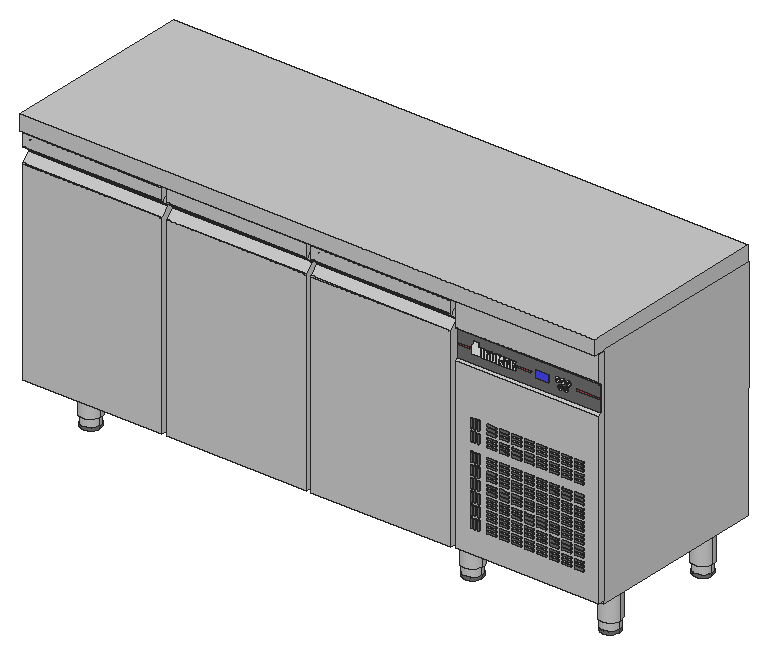
Revit family "QF_INOMAK_PMRP999_250528101708", category Specialty Equipment, Revit 2021
Family settings
  Round Connector Dimension = Use Diameter
  Part Type = Normal
  OmniClass Number = 23.40.40.14
  OmniClass Title = Food Service Equipment
  Work Plane-Based = No
  Always vertical = Yes
  Cut with Voids When Loaded = No
  Shared = No
  Room Calculation Point = No
Parameters (values of type "PMRP999")
  Weight [instance] = 127.001 kg
  Waste Water Discharge Temperature [instance] = 0 °C
  Waste Remarks [instance] = ""
  Warranty Start Date [instance] = ""
  Warranty Duration [instance] = ""
  Volts [instance] = 230 V
  Volt Free Conn [instance] = no
  URL Recommended Spares List [instance] = ""
  URL Manufacturer [instance] = ""
  URL Cutsheet [instance] = ""
  URL Critical Spares List [instance] = ""
  URL = "www.inomak.com"
  Technical Documentation [instance] = ""
  Tag Number [instance] = ""
  Status [instance] = ""
  Start Up Current [instance] = 0 A
  Specification by User [instance] = ""
  Specification by Manufacturer [instance] = ""
  Sound Level [instance] = ""
  Show Logo [instance] = yes
  Show Clearances [instance] = yes
  Service Life Duration [instance] = ""
  Serial Number [instance] = ""
  Seismic Rating [instance] = ""
  SMACNA No [instance] = ""
  Revision Code [instance] = ""
  Revision [instance] = ""
  Production Year [instance] = ""
  Potential Equalisation [instance] = no
  Point Load [instance] = 0
  Plumbing Connection Type [instance] = ""
  Phase [instance] = 1
  Other Equipment Approvals [instance] = ""
  Operational Current [instance] = 0 A
  Number of Poles [instance] = 2
  No Load Power Draw [instance] = no
  NAFEM Spec ID Number [instance] = ""
  Model Warning [instance] = ""
  Model = "PMRP999"
  Min Ckt Ampacity [instance] = 0 A
  Max Overcurrent Protection [instance] = 10 A
  Masterspec [instance] = ""
  Manufacturer = "INOMAK"
  Main switch integrated [instance] = no
  Length Actual [instance] = 1791.97 mm
  Item Number [instance] = ""
  Installed By [instance] = ""
  Installation Date [instance] = ""
  Indirect Waste Size [instance] = 25.4 mm
  Indirect Waste Remarks [instance] = ""
  Indirect Waste Flow [instance] = 0.0 L/s
  Indirect Waste Connection Type [instance] = ""
  Indirect Waste Connection Height [instance] = 0 mm
  Identify Quantity as Lot [instance] = no
  ID [instance] = ""
  Hygiene Approval [instance] = ""
  Height Actual [instance] = 899.922 mm
  HP power [instance] = ""
  Furnished By [instance] = ""
  Foodservice Equipment Identifier [instance] = no
  FL Amps [instance] = 2.6 A
  Electrical Remarks [instance] = ""
  Electric power [instance] = 360 W
  Electric Connection Type [instance] = ""
  Elec Conn RI Height [instance] = 0 mm
  Elec Conn Connection Height [instance] = 0 mm
  ETL Approved [instance] = no
  Direct Waste Water Discharge Temperature [instance] = -273.15 °C
  Direct Waste Size [instance] = 25.4 mm
  Direct Waste RI Height [instance] = 0 mm
  Direct Waste Flow [instance] = 0.0 L/s
  Direct Waste Connection Height [instance] = 0 mm
  Description = "CLOVER CHILLER COUNTER WITH 3 DOORS, COMPACT DIMENSIONS"
  Depth Actual [instance] = 599.948 mm
  Default Elevation = 0 mm
  Cycle [instance] = 50 Hz
  Cost = 0
  Connection to energy optimisation system [instance] = yes
  Conn Plug [instance] = ""
  Conn Conduit [instance] = no
  Centralized building control system with digital interface [instance] = ""
  CSI MasterFormat [instance] = ""
  CE Approved [instance] = no
  Barcode [instance] = 0
  Author [instance] = ""
  Asset Identifier [instance] = ""
  Apparent Power [instance] = 360 VA
  Accessory [instance] = no
Reference planes
  plane 1 "Center (Front/Back)": y = 0
  plane 2: z = 0
  plane 3 "Center (Left/Right)": x = 0
Forms (mm)
  Extrusion 1, solid, not visible
    sketch origin (1585.077, -260.013, 146.007) x (1, 0, 0) y (0, 1, 0)
      loop
        line (-2, 2) -> (-2, -2) -> (2, -2) -> (2, 2) -> (-2, 2)
    from -2 to 2
  Extrusion 2, solid, not visible
    sketch origin (1385.068, -100.005, 146.007) x (1, 0, 0) y (0, 1, 0)
      loop
        line (-2, 2) -> (-2, -2) -> (2, -2) -> (2, 2) -> (-2, 2)
    from -2 to 2
Dimensions and locks
  locked: nested 2 to Extrusion 1 at 2  (x2)
  locked: nested 3 to Extrusion 2 at 2  (x2)
  aligned and locked: level to plane 2
Nested families
  nested 1: "QF_INOMAK_REF_COUNTERS_1790_2920" at (0, 0, 144), type "PMRP999"
    with Weight 127.001 kg, Warranty Start Date "", Warranty Duration "", URL Cutsheet "", Technical Documentation "", Tag Number "", Status "", Specification by User "", Specification by Manufacturer "", Sound Level "", Solid Fuel Type "", Show Clearances yes, Show Clearance yes, Service Life Duration "", Serial Number "", Seismic Rating "", SMACNA No "", Revision Code "", Revision "", Production Year "", Point Load 0, Other Equipment Approvals "", NAFEM Spec ID Number "", Model Warning "", Masterspec "", Length Actual 1791.97 mm, Item Number "", Installed By "", Installation Date "", Identify Quantity as Lot yes, ID "", Hygiene Approval "", Height Actual 899.922 mm, Furnished By "", Foodservice Equipment Identifier yes, Finish none, ETL Approved yes, Depth Actual 599.948 mm, CSI MasterFormat "", CE Approved yes, Barcode "", Author "", Asset Identifier "", Accessory no
  nested 2: "CONN_POINT_DRAIN_2D___Generic_Annotation" at (1585.077, -260.013, 144.007), type "CONN_POINT_DRAIN_2D___Generic_Annotation"
    with Onboard connection annotation symbol visibility yes
  nested 3: "CONN_POINT_ELE_2D___Generic_Annotation" at (1385.068, -100.005, 144.007), type "CONN_POINT_ELE_2D___Generic_Annotation"
    with Onboard connection annotation symbol visibility yes
  nested 4: "QF_INOMAK_REF_COUNTERS_DOORS_DRAWERS_7216" at (0, -600, 144), type "DR-LX-710"
    with Weight 0.00 kg, Warranty Start Date "", Warranty Duration "", URL Cutsheet "", Top inset 10 mm, Technical Documentation "", Tag Number "", Status "", Specification by User "", Specification by Manufacturer "", Sound Level "", Solid Fuel Type "", Show Logo yes, Show Clearances yes, Service Life Duration "", Serial Number "", Seismic Rating "", SMACNA No "", Right panel thickness 0 mm, Revision Code "", Revision "", Rear inset 0 mm, Production Year "", Point Load 0, Plinth height 0 mm, Other Equipment Approvals "", NAFEM Spec ID Number "", Model Warning "", Masterspec "", Length Actual 435.102 mm, Left panel thickness 0 mm, Item Number "", Installed By "", Installation Date "", Identify Quantity as Lot yes, ID "", Hygiene Approval "", Height Actual 709.93 mm, Furnished By "", Front inset 10 mm, Foodservice Equipment Identifier yes, Finish none, ETL Approved yes, Doors drawers type 8, Depth Actual 80.01 mm, CSI MasterFormat "", CE Approved yes, Bottom inset 10 mm, Barcode "", Author "", Asset Identifier "", Accessory yes
  nested 5: "QF_INOMAK_REF_COUNTERS_DOORS_DRAWERS_16690" at (450, -600, 144), type "DR-RX-710"
    with Weight 0.00 kg, Warranty Start Date "", Warranty Duration "", URL Cutsheet "", Top inset 10 mm, Technical Documentation "", Tag Number "", Status "", Specification by User "", Specification by Manufacturer "", Sound Level "", Solid Fuel Type "", Show Logo yes, Show Clearances yes, Service Life Duration "", Serial Number "", Seismic Rating "", SMACNA No "", Right panel thickness 0 mm, Revision Code "", Revision "", Rear inset 0 mm, Production Year "", Point Load 0, Plinth height 0 mm, Other Equipment Approvals "", NAFEM Spec ID Number "", Model Warning "", Masterspec "", Length Actual 435.102 mm, Left panel thickness 0 mm, Item Number "", Installed By "", Installation Date "", Identify Quantity as Lot yes, ID "", Hygiene Approval "", Height Actual 709.93 mm, Furnished By "", Front inset 10 mm, Foodservice Equipment Identifier yes, Finish none, ETL Approved yes, Doors drawers type 9, Depth Actual 80.01 mm, CSI MasterFormat "", CE Approved yes, Bottom inset 10 mm, Barcode "", Author "", Asset Identifier "", Accessory yes
  nested 6: "QF_INOMAK_REF_COUNTERS_DOORS_DRAWERS_26161" at (900, -600, 144), type "DR-RX-710"
    with Weight 0.00 kg, Warranty Start Date "", Warranty Duration "", URL Cutsheet "", Top inset 10 mm, Technical Documentation "", Tag Number "", Status "", Specification by User "", Specification by Manufacturer "", Sound Level "", Solid Fuel Type "", Show Logo yes, Show Clearances yes, Service Life Duration "", Serial Number "", Seismic Rating "", SMACNA No "", Right panel thickness 0 mm, Revision Code "", Revision "", Rear inset 0 mm, Production Year "", Point Load 0, Plinth height 0 mm, Other Equipment Approvals "", NAFEM Spec ID Number "", Model Warning "", Masterspec "", Length Actual 435.102 mm, Left panel thickness 0 mm, Item Number "", Installed By "", Installation Date "", Identify Quantity as Lot yes, ID "", Hygiene Approval "", Height Actual 709.93 mm, Furnished By "", Front inset 10 mm, Foodservice Equipment Identifier yes, Finish none, ETL Approved yes, Doors drawers type 9, Depth Actual 80.01 mm, CSI MasterFormat "", CE Approved yes, Bottom inset 10 mm, Barcode "", Author "", Asset Identifier "", Accessory yes
  nested 7: "QF_INOMAK_REF_COUNTERS_WORKTOPS_35632" at (0, 0, 854), type "WTWT-1790-600"
    with Worktop without backsplash yes, Worktop with backsplash no, Worktop type 3, Worktop thickness 46 mm, Without worktop no, Weight 0.00 kg, Warranty Start Date "", Warranty Duration "", URL Cutsheet "", Technical Documentation "", Tag Number "", Status "", Specification by User "", Specification by Manufacturer "", Sound Level "", Solid Fuel Type "", Show Logo yes, Show Clearances yes, Service Life Duration "", Serial Number "", Seismic Rating "", SMACNA No "", Revision Code "", Revision "", Production Year "", Point Load 0, Other Equipment Approvals "", NAFEM Spec ID Number "", Model Warning "", Masterspec "", Length Actual 1791.97 mm, Item Number "", Installed By "", Installation Date "", Identify Quantity as Lot yes, ID "", Hygiene Approval "", Height Actual 45.974 mm, Height AFF 0 mm, Furnished By "", Foodservice Equipment Identifier yes, Finish none, ETL Approved yes, Depth Actual 599.948 mm, CSI MasterFormat "", CE Approved yes, Barcode "", Backsplash thickness 20 mm, Backsplash height 60 mm, Author "", Asset Identifier "", Accessory yes
  nested 8: "QF_INOMAK_REF_COUNTERS_LEGS_37461" at (0, 0, 0), type "LG-1790-600"
    with Weight 0.00 kg, Warranty Start Date "", Warranty Duration "", URL Cutsheet "", Technical Documentation "", Tag Number "", Status "", Specification by User "", Specification by Manufacturer "", Sound Level "", Solid Fuel Type "", Show Logo yes, Show Clearances yes, Service Life Duration "", Serial Number "", Seismic Rating "", SMACNA No "", Revision Code "", Revision "", Production Year "", Point Load 0, Other Equipment Approvals "", NAFEM Spec ID Number "", Model Warning "", Masterspec "", Length Actual 1791.97 mm, Legs inset right 70 mm, Legs inset rear 90 mm, Legs inset left 100 mm, Legs inset front 150 mm, Item Number "", Installed By "", Installation Date "", Identify Quantity as Lot yes, ID "", Hygiene Approval "", Height Actual 144.018 mm, Furnished By "", Foodservice Equipment Identifier yes, ETL Approved yes, Depth Actual 599.948 mm, CentralLegs no, CSI MasterFormat "", CE Approved yes, Barcode "", Author "", Asset Identifier "", Accessory yes
Connectors
  piping at (1585.077, -260.013, 144.007), diameter 25.4, driven by "Indirect Waste Size", driven by "Direct Waste Flow"
    settings: on Extrusion 1, index 1, connector inside diameter 609.6 mm, connector length 0 mm, flow factor 0, pipe flow 0.0 L/s, pressure drop 0.0 Pa, fitting loss kfactor 0, connector angle 0.00°, fixture units 0, engagement length 0 mm, angle of deflection 0.00°, flow configuration 1, flow direction 2, fitting loss method 0, system type 16, joint type 0, gender type 0, connector reference index -1, connector utility 0, adjustable connector no, is connector primary yes, connector description "Waste connection for PMRP999"
  electrical at (1385.068, -100.005, 144.007), driven by "Apparent Power", driven by "Number of Poles", driven by "Volts"
    settings: on Extrusion 2, index 2, voltage 230 V, apparent load 0 VA, apparent load phase1 360 VA, apparent load phase2 0 VA, apparent load phase3 0 VA, power factor 1, load classification "Other", number of poles 2, system type 31, power factor state 1, is connector primary yes, connector utility no, sub classification motor no, connector description "Electrical connection for PMRP999"
Definition of nested family "QF_INOMAK_REF_COUNTERS_1790_2920"
  Parameters (values of type "PMRP999")
    Weight [instance] = 0.00 kg
    Warranty Start Date [instance] = ""
    Warranty Duration [instance] = ""
    URL Cutsheet [instance] = ""
    URL = "www.inomak.com"
    Technical Documentation [instance] = ""
    Tag Number [instance] = ""
    Status [instance] = ""
    Specification by User [instance] = ""
    Specification by Manufacturer [instance] = ""
    Sound Level [instance] = ""
    Solid Fuel Type [instance] = ""
    Show Logo = yes
    Show Clearances [instance] = yes
    Show Clearance [instance] = yes
    Service Life Duration [instance] = ""
    Serial Number [instance] = ""
    Seismic Rating [instance] = ""
    SMACNA No [instance] = ""
    Revision Code [instance] = ""
    Revision [instance] = ""
    Production Year [instance] = ""
    Point Load [instance] = 0
    Other Equipment Approvals [instance] = ""
    NAFEM Spec ID Number [instance] = ""
    Model Warning [instance] = ""
    Model = "PMRP999"
    Masterspec [instance] = ""
    Manufacturer = "INOMAK"
    Length Actual [instance] = 0 mm
    Length = 1792 mm
    Item Number [instance] = ""
    Installed By [instance] = ""
    Installation Date [instance] = ""
    Identify Quantity as Lot [instance] = yes
    ID [instance] = ""
    Hygiene Approval [instance] = ""
    Height Actual [instance] = 0 mm
    Height = 710 mm
    Furnished By [instance] = ""
    Foodservice Equipment Identifier [instance] = yes
    Finish [instance] = none
    ETL Approved [instance] = yes
    Description = "CLOVER CHILLER COUNTER WITH 3 DOORS, COMPACT DIMENSIONS"
    Depth Actual [instance] = 0 mm
    Depth = 600 mm
    Default Elevation = 0 mm
    CSI MasterFormat [instance] = ""
    CE Approved [instance] = yes
    Barcode [instance] = ""
    Author [instance] = ""
    Asset Identifier [instance] = ""
    Assembly Code = "E1090320"
    Accessory [instance] = yes
  Types (2, lengths in mm): name | Model | Description | Depth
    PNRP999 | "PNRP999" | "PINE REFRIGERATED COUNTER WITH 3 GN 1/1 DOORS" | 700
    PMRP999 | "PMRP999" | "CLOVER CHILLER COUNTER WITH 3 DOORS, COMPACT DIMENSIONS" | 600
  Reference planes
    plane 1 "Back": y = 0
    plane 2: z = 0
    plane 3 "Left": x = 0
    plane 4 "Right": x = 1792
    plane 5 "Front": y = -600
    plane 6 "Top": z = 710
  Forms (mm)
    Extrusion 1, solid, material <- "Finish"
      sketch origin (0, 0, 0) x (1, 0, 0) y (0, 1, 0)
        loop
          line (0, -548) -> (30, -548) -> (30, -30) -> (1317, -30) -> (1317, -548) -> (1347, -548) -> (1347, -565) -> (1792, -565) -> (1792, 0) -> (0, 0) -> (0, -548)
      from 0 to 710
    Extrusion 2, solid, material <- "Finish"
      sketch origin (0, 0, 0) x (1, 0, 0) y (0, 1, 0)
        loop
          line (30, -30) -> (30, -548) -> (1317, -548) -> (1317, -30) -> (30, -30)
      from 0 to 45
    Extrusion 3, solid, material <- "Finish"
      sketch origin (0, 0, 710) x (0, 1, 0) y (-1, 0, 0)
        loop
          line (-30, -30) -> (-548, -30) -> (-548, -1317) -> (-30, -1317) -> (-30, -30)
      from 0 to -30
    Extrusion 4, solid, material <- "Finish"
      sketch origin (1792, 0, 0) x (0, -1, 0) y (0, 0, 1)
        loop
          line (583.05, 705) -> (565, 705) -> (565, 10) -> (583.05, 10) -> (583.05, 532.058) -> (576.05, 539.058) -> (576.05, 618.864) -> (583.05, 625.864) -> (583.05, 705)
      from 0 to 445
    Extrusion 5, solid
      sketch origin (0, -600, 0) x (-1, 0, 0) y (0, 0, 1)
        loop
          circle (-1658.654, 586.73) r 6.965
        loop
          circle (-1675.685, 586.73) r 6.965
        loop
          circle (-1692.694, 586.73) r 6.965
        loop
          circle (-1667.18, 568.729) r 6.965
        loop
          circle (-1684.189, 568.729) r 6.965
        loop
          circle (-1658.654, 586.73) r 3.965
        loop
          circle (-1675.685, 586.73) r 3.965
        loop
          circle (-1692.694, 586.73) r 3.965
        loop
          circle (-1667.18, 568.729) r 3.965
        loop
          circle (-1684.189, 568.729) r 3.965
      from 23 to 25.5
    Extrusion 6, solid
      sketch origin (0, -600, 0) x (-1, 0, 0) y (0, 0, 1)
        loop
          line (-1630.865, 590.461) -> (-1630.865, 567.461) -> (-1590.865, 567.461) -> (-1590.865, 590.461) -> (-1630.865, 590.461)
      from 23 to 25.5
    Extrusion 7, solid
      sketch origin (0, -600, 0) x (-1, 0, 0) y (0, 0, 1)
        loop
          line (-1347, 618.864) -> (-1792, 618.864) -> (-1792, 539.058) -> (-1347, 539.058) -> (-1347, 618.864)
      from 23.5 to 25.5
    Extrusion 8, solid, visible <- "Show Logo"
      sketch origin (0, -600, 0) x (-1, 0, 0) y (0, 0, 1)
        loop
          line (-1391.061, 591.01) -> (-1397.061, 591.01) -> (-1397.061, 602.118) -> (-1411.298, 602.118) -> (-1411.298, 591.01) -> (-1417.298, 591.01) -> (-1417.298, 564.76) -> (-1391.061, 564.76) -> (-1391.061, 591.01)
        loop
          line (-1421.613, 590.698) -> (-1428.903, 590.698) -> (-1428.903, 564.76) -> (-1421.613, 564.76) -> (-1421.613, 590.698)
        loop
          line (-1431.422, 564.76) -> (-1431.422, 590.698) -> (-1438.256, 590.698) -> (-1441.449, 578.78) -> (-1441.449, 590.698) -> (-1447.982, 590.698) -> (-1447.982, 564.76) -> (-1441.449, 564.76) -> (-1437.735, 578.623) -> (-1437.735, 564.76) -> (-1431.422, 564.76)
        loop
          line (-1468.664, 564.76) -> (-1468.664, 590.698) -> (-1477.626, 590.698) -> (-1479.988, 576.688) -> (-1482.35, 590.698) -> (-1491.312, 590.698) -> (-1491.312, 564.76) -> (-1484.687, 564.76) -> (-1484.687, 578.623) -> (-1482.35, 564.76) -> (-1477.626, 564.76) -> (-1475.289, 578.623) -> (-1475.289, 564.76) -> (-1468.664, 564.76)
        loop
          line (-1453.851, 590.698) -> (-1463.176, 590.698)
          arc (-1463.176, 590.698) -> (-1465.773, 589.622) -> (-1466.849, 587.026) r 3.672
          line (-1466.849, 587.026) -> (-1466.849, 568.433)
          arc (-1466.849, 568.433) -> (-1465.773, 565.836) -> (-1463.176, 564.76) r 3.672
          line (-1463.176, 564.76) -> (-1453.851, 564.76)
          arc (-1453.851, 564.76) -> (-1451.255, 565.836) -> (-1450.179, 568.433) r 3.672
          line (-1450.179, 568.433) -> (-1450.179, 587.026)
          arc (-1450.179, 587.026) -> (-1451.255, 589.622) -> (-1453.851, 590.698) r 3.672
        loop
          arc (-1457.487, 587.542) -> (-1458.514, 588.569) -> (-1459.541, 587.542) r 1.027
          line (-1459.541, 587.542) -> (-1459.541, 568.949)
          arc (-1459.541, 568.949) -> (-1458.514, 567.922) -> (-1457.487, 568.949) r 1.027
          line (-1457.487, 568.949) -> (-1457.487, 587.542)
        loop
          line (-1492.382, 564.76) -> (-1496.755, 590.698) -> (-1505.615, 590.698) -> (-1509.988, 564.76) -> (-1503.461, 564.76) -> (-1502.852, 569.723) -> (-1499.518, 569.723) -> (-1498.909, 564.76) -> (-1492.382, 564.76)
        loop
          line (-1500.074, 574.252) -> (-1501.185, 583.299) -> (-1502.296, 574.252) -> (-1500.074, 574.252)
        loop
          line (-1510.954, 564.76) -> (-1510.954, 590.698) -> (-1517.579, 590.698) -> (-1517.579, 581.585) -> (-1520.365, 590.698) -> (-1527.803, 590.698) -> (-1523.474, 579.422) -> (-1528.522, 564.76) -> (-1520.939, 564.76) -> (-1517.579, 577.3) -> (-1517.579, 564.76) -> (-1510.954, 564.76)
      from 23 to 25.5
    Extrusion 9, solid
      sketch origin (0, -600, 0) x (-1, 0, 0) y (0, 0, 1)
        loop
          line (-1347, 580.961) -> (-1383.995, 580.961) -> (-1383.995, 576.961) -> (-1347, 576.961) -> (-1347, 580.961)
        loop
          line (-1532, 580.961) -> (-1576.365, 580.961) -> (-1576.365, 576.961) -> (-1532, 576.961) -> (-1532, 580.961)
        loop
          line (-1792, 580.961) -> (-1792, 576.961) -> (-1718.755, 576.961) -> (-1718.755, 580.961) -> (-1792, 580.961)
      from 23 to 25.5
  Cuts and joins
    joined: Extrusion 1, Extrusion 2, Extrusion 3
  Lines and regions (mm)
    symbolic lines, visible <- "Show Clearance"
      curve 1: line (0, 0, 0) -> (1792, 0, 0)
      curve 2: line (1792, 0, 0) -> (1792, -600, 0)
      curve 3: line (1792, -600, 0) -> (0, -600, 0)
      curve 4: line (0, -600, 0) -> (0, 0, 0)
  Dimensions and locks
    "Length": plane 3 "Left" to plane 4 "Right"
    "Depth": plane 5 "Front" to plane 1 "Back"
    "Height": plane 6 "Top" to plane 2
    aligned and locked: level to plane 2
    aligned and locked: plane 6 "Top" to Extrusion 1
    aligned and locked: nested 1 to plane 4 "Right"
    aligned and locked: plane 5 "Front" to nested 1
    aligned and locked: plane 5 "Front" to curve 3
  Automatic sketch dimensions
    plane 3 "Left" to Extrusion 2 sketch curve = 30 mm
    plane 4 "Right" to Extrusion 2 sketch curve = 475 mm
    plane 1 "Back" to Extrusion 2 sketch curve = 30 mm
    plane 1 "Back" to Extrusion 3 sketch curve = 30 mm
    plane 4 "Right" to Extrusion 3 sketch curve = 475 mm
    plane 3 "Left" to Extrusion 3 sketch curve = 30 mm
    Extrusion 1 sketch curve to plane 3 "Left" = 0 mm
    plane 1 "Back" to Extrusion 1 sketch curve = 0 mm
    Extrusion 1 sketch curve to plane 4 "Right" = 0 mm
    plane 3 "Left" to Extrusion 1 sketch curve = 30 mm
    plane 1 "Back" to Extrusion 1 sketch curve = 30 mm
    plane 4 "Right" to Extrusion 1 sketch curve = 475 mm
    Extrusion 1 sketch curve to Extrusion 1 sketch curve = 30 mm
    plane 5 "Front" to Extrusion 1 sketch curve = 35 mm
    plane 5 "Front" to Extrusion 1 sketch curve = 52 mm
    Extrusion 1 sketch curve to Extrusion 1 sketch curve = 17 mm
    plane 5 "Front" to Extrusion 2 sketch curve = 52 mm
    plane 5 "Front" to Extrusion 3 sketch curve = 52 mm
    Extrusion 4 sketch curve to plane 6 "Top" = 5 mm
    plane 5 "Front" to Extrusion 4 sketch curve = 35 mm
    plane 5 "Front" to Extrusion 4 sketch curve = 23.95 mm
    Extrusion 4 sketch curve to Extrusion 4 sketch curve = 7 mm  (x4)
    Extrusion 4 sketch curve to Extrusion 4 sketch curve = 79.136 mm
    Extrusion 4 sketch curve to Extrusion 4 sketch curve = 79.807 mm
    level to Extrusion 4 sketch curve = 10 mm
    Extrusion 5 sketch curve to Extrusion 5 sketch curve = 0 mm  (x13)
    plane 4 "Right" to Extrusion 5 sketch curve = 99.306 mm
    Extrusion 5 sketch curve to Extrusion 5 sketch curve = 8.505 mm
    Extrusion 5 sketch curve to Extrusion 5 sketch curve = 17.009 mm  (x2)
    Extrusion 5 sketch curve to Extrusion 5 sketch curve = 17.03 mm
    Extrusion 5 sketch curve to plane 6 "Top" = 141.271 mm
    Extrusion 5 sketch curve to Extrusion 5 sketch curve = 18.001 mm
    plane 4 "Right" to Extrusion 6 sketch curve = 161.135 mm
    Extrusion 6 sketch curve to Extrusion 6 sketch curve = 40 mm
    Extrusion 6 sketch curve to plane 6 "Top" = 142.539 mm
    Extrusion 6 sketch curve to Extrusion 6 sketch curve = 23 mm
    plane 4 "Right" to Extrusion 7 sketch curve = 0 mm
    Extrusion 7 sketch curve to plane 6 "Top" = 170.942 mm
    plane 4 "Right" to Extrusion 7 sketch curve = 445 mm
    Extrusion 7 sketch curve to Extrusion 7 sketch curve = 79.807 mm
    plane 4 "Right" to Extrusion 8 sketch curve = 263.478 mm
    Extrusion 8 sketch curve to Extrusion 8 sketch curve = 0.72 mm
    Extrusion 8 sketch curve to plane 6 "Top" = 130.578 mm
    Extrusion 8 sketch curve to Extrusion 8 sketch curve = 4.329 mm
    Extrusion 8 sketch curve to Extrusion 8 sketch curve = 7.584 mm
    Extrusion 8 sketch curve to plane 6 "Top" = 119.302 mm  (x2)
    Extrusion 8 sketch curve to Extrusion 8 sketch curve = 7.438 mm
    Extrusion 8 sketch curve to plane 6 "Top" = 132.7 mm
    Extrusion 8 sketch curve to Extrusion 8 sketch curve = 5.895 mm
    Extrusion 8 sketch curve to plane 6 "Top" = 128.415 mm
    Extrusion 8 sketch curve to Extrusion 8 sketch curve = 0 mm  (x11)
    Extrusion 8 sketch curve to Extrusion 8 sketch curve = 6.625 mm  (x2)
    Extrusion 8 sketch curve to Extrusion 8 sketch curve = 0.965 mm
    Extrusion 8 sketch curve to Extrusion 8 sketch curve = 5.338 mm
    Extrusion 8 sketch curve to Extrusion 8 sketch curve = 6.527 mm  (x2)
    Extrusion 8 sketch curve to plane 6 "Top" = 140.277 mm
    Extrusion 8 sketch curve to Extrusion 8 sketch curve = 0.609 mm
    Extrusion 8 sketch curve to plane 6 "Top" = 135.748 mm
    Extrusion 8 sketch curve to Extrusion 8 sketch curve = 0.556 mm
    Extrusion 8 sketch curve to plane 6 "Top" = 126.701 mm
    Extrusion 8 sketch curve to Extrusion 8 sketch curve = 4.43 mm  (x2)
    Extrusion 8 sketch curve to Extrusion 8 sketch curve = 2.222 mm
    Extrusion 8 sketch curve to Extrusion 8 sketch curve = 3.334 mm
    Extrusion 8 sketch curve to Extrusion 8 sketch curve = 4.552 mm
    Extrusion 8 sketch curve to plane 6 "Top" = 145.24 mm  (x2)
    Extrusion 8 sketch curve to Extrusion 8 sketch curve = 1.069 mm
    Extrusion 8 sketch curve to plane 6 "Top" = 131.377 mm  (x2)
    Extrusion 8 sketch curve to Extrusion 8 sketch curve = 8.962 mm  (x2)
    Extrusion 8 sketch curve to Extrusion 8 sketch curve = 2.337 mm
    Extrusion 8 sketch curve to plane 6 "Top" = 133.312 mm
    Extrusion 8 sketch curve to Extrusion 8 sketch curve = 4.699 mm  (x2)
    Extrusion 8 sketch curve to Extrusion 8 sketch curve = 4.724 mm  (x2)
    Extrusion 8 sketch curve to Extrusion 8 sketch curve = 1.815 mm
    Extrusion 8 sketch curve to Extrusion 8 sketch curve = 3.672 mm  (x8)
    Extrusion 8 sketch curve to Extrusion 8 sketch curve = 3.636 mm  (x3)
    Extrusion 8 sketch curve to Extrusion 8 sketch curve = 1.027 mm
    Extrusion 8 sketch curve to Extrusion 8 sketch curve = 2.197 mm
    Extrusion 8 sketch curve to Extrusion 8 sketch curve = 6.532 mm  (x2)
    Extrusion 8 sketch curve to Extrusion 8 sketch curve = 3.194 mm
    Extrusion 8 sketch curve to Extrusion 8 sketch curve = 3.714 mm
    Extrusion 8 sketch curve to Extrusion 8 sketch curve = 6.313 mm
    Extrusion 8 sketch curve to Extrusion 8 sketch curve = 2.52 mm
    Extrusion 8 sketch curve to Extrusion 8 sketch curve = 7.29 mm
    Extrusion 8 sketch curve to Extrusion 8 sketch curve = 4.315 mm
    Extrusion 8 sketch curve to Extrusion 8 sketch curve = 6 mm
    Extrusion 8 sketch curve to Extrusion 8 sketch curve = 14.237 mm
    Extrusion 8 sketch curve to Extrusion 8 sketch curve = 26.237 mm
    Extrusion 8 sketch curve to Extrusion 8 sketch curve = 14.661 mm
    Extrusion 8 sketch curve to Extrusion 8 sketch curve = 4.963 mm
    Extrusion 8 sketch curve to Extrusion 8 sketch curve = 0.516 mm  (x2)
    Extrusion 8 sketch curve to Extrusion 8 sketch curve = 13.862 mm
    Extrusion 8 sketch curve to Extrusion 8 sketch curve = 0.157 mm
    Extrusion 8 sketch curve to Extrusion 8 sketch curve = 26.25 mm
    Extrusion 8 sketch curve to Extrusion 8 sketch curve = 0.312 mm
    Extrusion 8 sketch curve to Extrusion 8 sketch curve = 11.107 mm
    plane 4 "Right" to Extrusion 9 sketch curve = 0 mm
    plane 4 "Right" to Extrusion 9 sketch curve = 73.245 mm
    Extrusion 9 sketch curve to Extrusion 9 sketch curve = 142.39 mm
    Extrusion 9 sketch curve to Extrusion 9 sketch curve = 44.365 mm
    Extrusion 9 sketch curve to Extrusion 9 sketch curve = 148.005 mm
    Extrusion 9 sketch curve to Extrusion 9 sketch curve = 36.995 mm
    Extrusion 9 sketch curve to plane 6 "Top" = 133.039 mm  (x3)
    Extrusion 9 sketch curve to Extrusion 9 sketch curve = 4 mm  (x3)
    plane 1 "Back" to curve 1 = 0 mm
    curve 1 to plane 3 "Left" = 0 mm
    curve 2 to plane 4 "Right" = 0 mm
    radius of Extrusion 5 sketch curve = 6.965 mm  (x5)
    radius of Extrusion 5 sketch curve = 3.965 mm  (x5)
  Nested families
    nested 1: "QF_INOMAK_CONRTOL-PANEL" at (1792, 100, 0), type "PNRP9999"
      with Show Clearance yes
  Definition of nested family "QF_INOMAK_CONRTOL-PANEL"
    Parameters (values of type "PNRP9999")
      URL = ""
      Show Logo = yes
      Show Clearance [instance] = yes
      Model = ""
      Manufacturer = ""
      Length = 0 mm
      Height = 710 mm
      Front offset = 80 mm
      Description = ""
      Depth = 700 mm
      Default Elevation = 0 mm
      Assembly Code = ""
    Reference planes
      plane 1 "Back": y = 0
      plane 2: z = 0
      plane 3 "Left": x = 0
      plane 4 "Right": x = 0
      plane 5 "Front": y = -700
      plane 6 "Top": z = 710
      plane 7 "Front offset": y = -620
    Forms (mm)
      Extrusion 1, solid
        sketch origin (-2240, -700, 0) x (-1, 0, 0) y (0, 0, 1)
          loop
            arc (-2191.4, 389.855) -> (-2194.4, 386.855) -> (-2191.4, 383.855) r 3
            line (-2191.4, 383.855) -> (-2167.4, 383.855)
            arc (-2167.4, 383.855) -> (-2164.4, 386.855) -> (-2167.4, 389.855) r 3
            line (-2167.4, 389.855) -> (-2191.4, 389.855)
          loop
            arc (-2152.4, 389.855) -> (-2155.4, 386.855) -> (-2152.4, 383.855) r 3
            line (-2152.4, 383.855) -> (-2128.4, 383.855)
            arc (-2128.4, 383.855) -> (-2125.4, 386.855) -> (-2128.4, 389.855) r 3
            line (-2128.4, 389.855) -> (-2152.4, 389.855)
          loop
            arc (-2113.4, 389.855) -> (-2116.4, 386.855) -> (-2113.4, 383.855) r 3
            line (-2113.4, 383.855) -> (-2089.4, 383.855)
            arc (-2089.4, 383.855) -> (-2086.4, 386.855) -> (-2089.4, 389.855) r 3
            line (-2089.4, 389.855) -> (-2113.4, 389.855)
          loop
            arc (-2074.4, 389.855) -> (-2077.4, 386.855) -> (-2074.4, 383.855) r 3
            line (-2074.4, 383.855) -> (-2050.4, 383.855)
            arc (-2050.4, 383.855) -> (-2047.4, 386.855) -> (-2050.4, 389.855) r 3
            line (-2050.4, 389.855) -> (-2074.4, 389.855)
          loop
            arc (-2035.4, 389.855) -> (-2038.4, 386.855) -> (-2035.4, 383.855) r 3
            line (-2035.4, 383.855) -> (-2011.4, 383.855)
            arc (-2011.4, 383.855) -> (-2008.4, 386.855) -> (-2011.4, 389.855) r 3
            line (-2011.4, 389.855) -> (-2035.4, 389.855)
          loop
            arc (-1996.4, 389.855) -> (-1999.4, 386.855) -> (-1996.4, 383.855) r 3
            line (-1996.4, 383.855) -> (-1972.4, 383.855)
            arc (-1972.4, 383.855) -> (-1969.4, 386.855) -> (-1972.4, 389.855) r 3
            line (-1972.4, 389.855) -> (-1996.4, 389.855)
          loop
            arc (-1957.4, 389.855) -> (-1960.4, 386.855) -> (-1957.4, 383.855) r 3
            line (-1957.4, 383.855) -> (-1933.4, 383.855)
            arc (-1933.4, 383.855) -> (-1930.4, 386.855) -> (-1933.4, 389.855) r 3
            line (-1933.4, 389.855) -> (-1957.4, 389.855)
          loop
            arc (-1918.4, 389.855) -> (-1921.4, 386.855) -> (-1918.4, 383.855) r 3
            line (-1918.4, 383.855) -> (-1894.4, 383.855)
            arc (-1894.4, 383.855) -> (-1891.4, 386.855) -> (-1894.4, 389.855) r 3
            line (-1894.4, 389.855) -> (-1918.4, 389.855)
          loop
            arc (-2191.4, 378.855) -> (-2194.4, 375.855) -> (-2191.4, 372.855) r 3
            line (-2191.4, 372.855) -> (-2167.4, 372.855)
            arc (-2167.4, 372.855) -> (-2164.4, 375.855) -> (-2167.4, 378.855) r 3
            line (-2167.4, 378.855) -> (-2191.4, 378.855)
          loop
            arc (-2152.4, 378.855) -> (-2155.4, 375.855) -> (-2152.4, 372.855) r 3
            line (-2152.4, 372.855) -> (-2128.4, 372.855)
            arc (-2128.4, 372.855) -> (-2125.4, 375.855) -> (-2128.4, 378.855) r 3
            line (-2128.4, 378.855) -> (-2152.4, 378.855)
          loop
            arc (-2113.4, 378.855) -> (-2116.4, 375.855) -> (-2113.4, 372.855) r 3
            line (-2113.4, 372.855) -> (-2089.4, 372.855)
            arc (-2089.4, 372.855) -> (-2086.4, 375.855) -> (-2089.4, 378.855) r 3
            line (-2089.4, 378.855) -> (-2113.4, 378.855)
          loop
            arc (-2074.4, 378.855) -> (-2077.4, 375.855) -> (-2074.4, 372.855) r 3
            line (-2074.4, 372.855) -> (-2050.4, 372.855)
            arc (-2050.4, 372.855) -> (-2047.4, 375.855) -> (-2050.4, 378.855) r 3
            line (-2050.4, 378.855) -> (-2074.4, 378.855)
          loop
            arc (-2035.4, 378.855) -> (-2038.4, 375.855) -> (-2035.4, 372.855) r 3
            line (-2035.4, 372.855) -> (-2011.4, 372.855)
            arc (-2011.4, 372.855) -> (-2008.4, 375.855) -> (-2011.4, 378.855) r 3
            line (-2011.4, 378.855) -> (-2035.4, 378.855)
          loop
            arc (-1996.4, 378.855) -> (-1999.4, 375.855) -> (-1996.4, 372.855) r 3
            line (-1996.4, 372.855) -> (-1972.4, 372.855)
            arc (-1972.4, 372.855) -> (-1969.4, 375.855) -> (-1972.4, 378.855) r 3
            line (-1972.4, 378.855) -> (-1996.4, 378.855)
          loop
            arc (-1957.4, 378.855) -> (-1960.4, 375.855) -> (-1957.4, 372.855) r 3
            line (-1957.4, 372.855) -> (-1933.4, 372.855)
            arc (-1933.4, 372.855) -> (-1930.4, 375.855) -> (-1933.4, 378.855) r 3
            line (-1933.4, 378.855) -> (-1957.4, 378.855)
          loop
            arc (-1918.4, 378.855) -> (-1921.4, 375.855) -> (-1918.4, 372.855) r 3
            line (-1918.4, 372.855) -> (-1894.4, 372.855)
            arc (-1894.4, 372.855) -> (-1891.4, 375.855) -> (-1894.4, 378.855) r 3
            line (-1894.4, 378.855) -> (-1918.4, 378.855)
          loop
            arc (-2191.4, 367.855) -> (-2194.4, 364.855) -> (-2191.4, 361.855) r 3
            line (-2191.4, 361.855) -> (-2167.4, 361.855)
            arc (-2167.4, 361.855) -> (-2164.4, 364.855) -> (-2167.4, 367.855) r 3
            line (-2167.4, 367.855) -> (-2191.4, 367.855)
          loop
            arc (-2152.4, 367.855) -> (-2155.4, 364.855) -> (-2152.4, 361.855) r 3
            line (-2152.4, 361.855) -> (-2128.4, 361.855)
            arc (-2128.4, 361.855) -> (-2125.4, 364.855) -> (-2128.4, 367.855) r 3
            line (-2128.4, 367.855) -> (-2152.4, 367.855)
          loop
            arc (-2113.4, 367.855) -> (-2116.4, 364.855) -> (-2113.4, 361.855) r 3
            line (-2113.4, 361.855) -> (-2089.4, 361.855)
            arc (-2089.4, 361.855) -> (-2086.4, 364.855) -> (-2089.4, 367.855) r 3
            line (-2089.4, 367.855) -> (-2113.4, 367.855)
          loop
            arc (-2074.4, 367.855) -> (-2077.4, 364.855) -> (-2074.4, 361.855) r 3
            line (-2074.4, 361.855) -> (-2050.4, 361.855)
            arc (-2050.4, 361.855) -> (-2047.4, 364.855) -> (-2050.4, 367.855) r 3
            line (-2050.4, 367.855) -> (-2074.4, 367.855)
          loop
            arc (-2035.4, 367.855) -> (-2038.4, 364.855) -> (-2035.4, 361.855) r 3
            line (-2035.4, 361.855) -> (-2011.4, 361.855)
            arc (-2011.4, 361.855) -> (-2008.4, 364.855) -> (-2011.4, 367.855) r 3
            line (-2011.4, 367.855) -> (-2035.4, 367.855)
          loop
            arc (-1996.4, 367.855) -> (-1999.4, 364.855) -> (-1996.4, 361.855) r 3
            line (-1996.4, 361.855) -> (-1972.4, 361.855)
            arc (-1972.4, 361.855) -> (-1969.4, 364.855) -> (-1972.4, 367.855) r 3
            line (-1972.4, 367.855) -> (-1996.4, 367.855)
          loop
            arc (-1957.4, 367.855) -> (-1960.4, 364.855) -> (-1957.4, 361.855) r 3
            line (-1957.4, 361.855) -> (-1933.4, 361.855)
            arc (-1933.4, 361.855) -> (-1930.4, 364.855) -> (-1933.4, 367.855) r 3
            line (-1933.4, 367.855) -> (-1957.4, 367.855)
          loop
            arc (-1918.4, 367.855) -> (-1921.4, 364.855) -> (-1918.4, 361.855) r 3
            line (-1918.4, 361.855) -> (-1894.4, 361.855)
            arc (-1894.4, 361.855) -> (-1891.4, 364.855) -> (-1894.4, 367.855) r 3
            line (-1894.4, 367.855) -> (-1918.4, 367.855)
          loop
            arc (-2191.4, 352.855) -> (-2194.4, 349.855) -> (-2191.4, 346.855) r 3
            line (-2191.4, 346.855) -> (-2167.4, 346.855)
            arc (-2167.4, 346.855) -> (-2164.4, 349.855) -> (-2167.4, 352.855) r 3
            line (-2167.4, 352.855) -> (-2191.4, 352.855)
          loop
            arc (-2152.4, 352.855) -> (-2155.4, 349.855) -> (-2152.4, 346.855) r 3
            line (-2152.4, 346.855) -> (-2128.4, 346.855)
            arc (-2128.4, 346.855) -> (-2125.4, 349.855) -> (-2128.4, 352.855) r 3
            line (-2128.4, 352.855) -> (-2152.4, 352.855)
          loop
            arc (-2113.4, 352.855) -> (-2116.4, 349.855) -> (-2113.4, 346.855) r 3
            line (-2113.4, 346.855) -> (-2089.4, 346.855)
            arc (-2089.4, 346.855) -> (-2086.4, 349.855) -> (-2089.4, 352.855) r 3
            line (-2089.4, 352.855) -> (-2113.4, 352.855)
          loop
            arc (-2074.4, 352.855) -> (-2077.4, 349.855) -> (-2074.4, 346.855) r 3
            line (-2074.4, 346.855) -> (-2050.4, 346.855)
            arc (-2050.4, 346.855) -> (-2047.4, 349.855) -> (-2050.4, 352.855) r 3
            line (-2050.4, 352.855) -> (-2074.4, 352.855)
          loop
            arc (-2035.4, 352.855) -> (-2038.4, 349.855) -> (-2035.4, 346.855) r 3
            line (-2035.4, 346.855) -> (-2011.4, 346.855)
            arc (-2011.4, 346.855) -> (-2008.4, 349.855) -> (-2011.4, 352.855) r 3
            line (-2011.4, 352.855) -> (-2035.4, 352.855)
          loop
            arc (-1996.4, 352.855) -> (-1999.4, 349.855) -> (-1996.4, 346.855) r 3
            line (-1996.4, 346.855) -> (-1972.4, 346.855)
            arc (-1972.4, 346.855) -> (-1969.4, 349.855) -> (-1972.4, 352.855) r 3
            line (-1972.4, 352.855) -> (-1996.4, 352.855)
          loop
            arc (-1957.4, 352.855) -> (-1960.4, 349.855) -> (-1957.4, 346.855) r 3
            line (-1957.4, 346.855) -> (-1933.4, 346.855)
            arc (-1933.4, 346.855) -> (-1930.4, 349.855) -> (-1933.4, 352.855) r 3
            line (-1933.4, 352.855) -> (-1957.4, 352.855)
          loop
            arc (-1918.4, 352.855) -> (-1921.4, 349.855) -> (-1918.4, 346.855) r 3
            line (-1918.4, 346.855) -> (-1894.4, 346.855)
            arc (-1894.4, 346.855) -> (-1891.4, 349.855) -> (-1894.4, 352.855) r 3
            line (-1894.4, 352.855) -> (-1918.4, 352.855)
          loop
            arc (-2191.4, 341.855) -> (-2194.4, 338.855) -> (-2191.4, 335.855) r 3
            line (-2191.4, 335.855) -> (-2167.4, 335.855)
            arc (-2167.4, 335.855) -> (-2164.4, 338.855) -> (-2167.4, 341.855) r 3
            line (-2167.4, 341.855) -> (-2191.4, 341.855)
          loop
            arc (-2152.4, 341.855) -> (-2155.4, 338.855) -> (-2152.4, 335.855) r 3
            line (-2152.4, 335.855) -> (-2128.4, 335.855)
            arc (-2128.4, 335.855) -> (-2125.4, 338.855) -> (-2128.4, 341.855) r 3
            line (-2128.4, 341.855) -> (-2152.4, 341.855)
          loop
            arc (-2113.4, 341.855) -> (-2116.4, 338.855) -> (-2113.4, 335.855) r 3
            line (-2113.4, 335.855) -> (-2089.4, 335.855)
            arc (-2089.4, 335.855) -> (-2086.4, 338.855) -> (-2089.4, 341.855) r 3
            line (-2089.4, 341.855) -> (-2113.4, 341.855)
          loop
            arc (-2074.4, 341.855) -> (-2077.4, 338.855) -> (-2074.4, 335.855) r 3
            line (-2074.4, 335.855) -> (-2050.4, 335.855)
            arc (-2050.4, 335.855) -> (-2047.4, 338.855) -> (-2050.4, 341.855) r 3
            line (-2050.4, 341.855) -> (-2074.4, 341.855)
          loop
            arc (-2035.4, 341.855) -> (-2038.4, 338.855) -> (-2035.4, 335.855) r 3
            line (-2035.4, 335.855) -> (-2011.4, 335.855)
            arc (-2011.4, 335.855) -> (-2008.4, 338.855) -> (-2011.4, 341.855) r 3
            line (-2011.4, 341.855) -> (-2035.4, 341.855)
          loop
            arc (-1996.4, 341.855) -> (-1999.4, 338.855) -> (-1996.4, 335.855) r 3
            line (-1996.4, 335.855) -> (-1972.4, 335.855)
            arc (-1972.4, 335.855) -> (-1969.4, 338.855) -> (-1972.4, 341.855) r 3
            line (-1972.4, 341.855) -> (-1996.4, 341.855)
          loop
            arc (-1957.4, 341.855) -> (-1960.4, 338.855) -> (-1957.4, 335.855) r 3
            line (-1957.4, 335.855) -> (-1933.4, 335.855)
            arc (-1933.4, 335.855) -> (-1930.4, 338.855) -> (-1933.4, 341.855) r 3
            line (-1933.4, 341.855) -> (-1957.4, 341.855)
          loop
            arc (-1918.4, 341.855) -> (-1921.4, 338.855) -> (-1918.4, 335.855) r 3
            line (-1918.4, 335.855) -> (-1894.4, 335.855)
            arc (-1894.4, 335.855) -> (-1891.4, 338.855) -> (-1894.4, 341.855) r 3
            line (-1894.4, 341.855) -> (-1918.4, 341.855)
          loop
            arc (-2191.4, 330.855) -> (-2194.4, 327.855) -> (-2191.4, 324.855) r 3
            line (-2191.4, 324.855) -> (-2167.4, 324.855)
            arc (-2167.4, 324.855) -> (-2164.4, 327.855) -> (-2167.4, 330.855) r 3
            line (-2167.4, 330.855) -> (-2191.4, 330.855)
          loop
            arc (-2152.4, 330.855) -> (-2155.4, 327.855) -> (-2152.4, 324.855) r 3
            line (-2152.4, 324.855) -> (-2128.4, 324.855)
            arc (-2128.4, 324.855) -> (-2125.4, 327.855) -> (-2128.4, 330.855) r 3
            line (-2128.4, 330.855) -> (-2152.4, 330.855)
          loop
            arc (-2113.4, 330.855) -> (-2116.4, 327.855) -> (-2113.4, 324.855) r 3
            line (-2113.4, 324.855) -> (-2089.4, 324.855)
            arc (-2089.4, 324.855) -> (-2086.4, 327.855) -> (-2089.4, 330.855) r 3
            line (-2089.4, 330.855) -> (-2113.4, 330.855)
          loop
            arc (-2074.4, 330.855) -> (-2077.4, 327.855) -> (-2074.4, 324.855) r 3
            line (-2074.4, 324.855) -> (-2050.4, 324.855)
            arc (-2050.4, 324.855) -> (-2047.4, 327.855) -> (-2050.4, 330.855) r 3
            line (-2050.4, 330.855) -> (-2074.4, 330.855)
          loop
            arc (-2035.4, 330.855) -> (-2038.4, 327.855) -> (-2035.4, 324.855) r 3
            line (-2035.4, 324.855) -> (-2011.4, 324.855)
            arc (-2011.4, 324.855) -> (-2008.4, 327.855) -> (-2011.4, 330.855) r 3
            line (-2011.4, 330.855) -> (-2035.4, 330.855)
          loop
            arc (-1996.4, 330.855) -> (-1999.4, 327.855) -> (-1996.4, 324.855) r 3
            line (-1996.4, 324.855) -> (-1972.4, 324.855)
            arc (-1972.4, 324.855) -> (-1969.4, 327.855) -> (-1972.4, 330.855) r 3
            line (-1972.4, 330.855) -> (-1996.4, 330.855)
          loop
            arc (-1957.4, 330.855) -> (-1960.4, 327.855) -> (-1957.4, 324.855) r 3
            line (-1957.4, 324.855) -> (-1933.4, 324.855)
            arc (-1933.4, 324.855) -> (-1930.4, 327.855) -> (-1933.4, 330.855) r 3
            line (-1933.4, 330.855) -> (-1957.4, 330.855)
          loop
            arc (-1918.4, 330.855) -> (-1921.4, 327.855) -> (-1918.4, 324.855) r 3
            line (-1918.4, 324.855) -> (-1894.4, 324.855)
            arc (-1894.4, 324.855) -> (-1891.4, 327.855) -> (-1894.4, 330.855) r 3
            line (-1894.4, 330.855) -> (-1918.4, 330.855)
          loop
            arc (-2191.4, 295.855) -> (-2194.4, 292.855) -> (-2191.4, 289.855) r 3
            line (-2191.4, 289.855) -> (-2167.4, 289.855)
            arc (-2167.4, 289.855) -> (-2164.4, 292.855) -> (-2167.4, 295.855) r 3
            line (-2167.4, 295.855) -> (-2191.4, 295.855)
          loop
            arc (-2152.4, 295.855) -> (-2155.4, 292.855) -> (-2152.4, 289.855) r 3
            line (-2152.4, 289.855) -> (-2128.4, 289.855)
            arc (-2128.4, 289.855) -> (-2125.4, 292.855) -> (-2128.4, 295.855) r 3
            line (-2128.4, 295.855) -> (-2152.4, 295.855)
          loop
            arc (-2113.4, 295.855) -> (-2116.4, 292.855) -> (-2113.4, 289.855) r 3
            line (-2113.4, 289.855) -> (-2089.4, 289.855)
            arc (-2089.4, 289.855) -> (-2086.4, 292.855) -> (-2089.4, 295.855) r 3
            line (-2089.4, 295.855) -> (-2113.4, 295.855)
          loop
            arc (-2074.4, 295.855) -> (-2077.4, 292.855) -> (-2074.4, 289.855) r 3
            line (-2074.4, 289.855) -> (-2050.4, 289.855)
            arc (-2050.4, 289.855) -> (-2047.4, 292.855) -> (-2050.4, 295.855) r 3
            line (-2050.4, 295.855) -> (-2074.4, 295.855)
          loop
            arc (-2035.4, 295.855) -> (-2038.4, 292.855) -> (-2035.4, 289.855) r 3
            line (-2035.4, 289.855) -> (-2011.4, 289.855)
            arc (-2011.4, 289.855) -> (-2008.4, 292.855) -> (-2011.4, 295.855) r 3
            line (-2011.4, 295.855) -> (-2035.4, 295.855)
          loop
            arc (-1996.4, 295.855) -> (-1999.4, 292.855) -> (-1996.4, 289.855) r 3
            line (-1996.4, 289.855) -> (-1972.4, 289.855)
            arc (-1972.4, 289.855) -> (-1969.4, 292.855) -> (-1972.4, 295.855) r 3
            line (-1972.4, 295.855) -> (-1996.4, 295.855)
          loop
            arc (-1957.4, 295.855) -> (-1960.4, 292.855) -> (-1957.4, 289.855) r 3
            line (-1957.4, 289.855) -> (-1933.4, 289.855)
            arc (-1933.4, 289.855) -> (-1930.4, 292.855) -> (-1933.4, 295.855) r 3
            line (-1933.4, 295.855) -> (-1957.4, 295.855)
          loop
            arc (-1918.4, 295.855) -> (-1921.4, 292.855) -> (-1918.4, 289.855) r 3
            line (-1918.4, 289.855) -> (-1894.4, 289.855)
            arc (-1894.4, 289.855) -> (-1891.4, 292.855) -> (-1894.4, 295.855) r 3
            line (-1894.4, 295.855) -> (-1918.4, 295.855)
          loop
            arc (-2191.4, 284.855) -> (-2194.4, 281.855) -> (-2191.4, 278.855) r 3
            line (-2191.4, 278.855) -> (-2167.4, 278.855)
            arc (-2167.4, 278.855) -> (-2164.4, 281.855) -> (-2167.4, 284.855) r 3
            line (-2167.4, 284.855) -> (-2191.4, 284.855)
          loop
            arc (-2152.4, 284.855) -> (-2155.4, 281.855) -> (-2152.4, 278.855) r 3
            line (-2152.4, 278.855) -> (-2128.4, 278.855)
            arc (-2128.4, 278.855) -> (-2125.4, 281.855) -> (-2128.4, 284.855) r 3
            line (-2128.4, 284.855) -> (-2152.4, 284.855)
          loop
            arc (-2113.4, 284.855) -> (-2116.4, 281.855) -> (-2113.4, 278.855) r 3
            line (-2113.4, 278.855) -> (-2089.4, 278.855)
            arc (-2089.4, 278.855) -> (-2086.4, 281.855) -> (-2089.4, 284.855) r 3
            line (-2089.4, 284.855) -> (-2113.4, 284.855)
          loop
            arc (-2074.4, 284.855) -> (-2077.4, 281.855) -> (-2074.4, 278.855) r 3
            line (-2074.4, 278.855) -> (-2050.4, 278.855)
            arc (-2050.4, 278.855) -> (-2047.4, 281.855) -> (-2050.4, 284.855) r 3
            line (-2050.4, 284.855) -> (-2074.4, 284.855)
          loop
            arc (-2035.4, 284.855) -> (-2038.4, 281.855) -> (-2035.4, 278.855) r 3
            line (-2035.4, 278.855) -> (-2011.4, 278.855)
            arc (-2011.4, 278.855) -> (-2008.4, 281.855) -> (-2011.4, 284.855) r 3
            line (-2011.4, 284.855) -> (-2035.4, 284.855)
          loop
            arc (-1996.4, 284.855) -> (-1999.4, 281.855) -> (-1996.4, 278.855) r 3
            line (-1996.4, 278.855) -> (-1972.4, 278.855)
            arc (-1972.4, 278.855) -> (-1969.4, 281.855) -> (-1972.4, 284.855) r 3
            line (-1972.4, 284.855) -> (-1996.4, 284.855)
          loop
            arc (-1957.4, 284.855) -> (-1960.4, 281.855) -> (-1957.4, 278.855) r 3
            line (-1957.4, 278.855) -> (-1933.4, 278.855)
            arc (-1933.4, 278.855) -> (-1930.4, 281.855) -> (-1933.4, 284.855) r 3
            line (-1933.4, 284.855) -> (-1957.4, 284.855)
          loop
            arc (-1918.4, 284.855) -> (-1921.4, 281.855) -> (-1918.4, 278.855) r 3
            line (-1918.4, 278.855) -> (-1894.4, 278.855)
            arc (-1894.4, 278.855) -> (-1891.4, 281.855) -> (-1894.4, 284.855) r 3
            line (-1894.4, 284.855) -> (-1918.4, 284.855)
          loop
            arc (-2191.4, 273.855) -> (-2194.4, 270.855) -> (-2191.4, 267.855) r 3
            line (-2191.4, 267.855) -> (-2167.4, 267.855)
            arc (-2167.4, 267.855) -> (-2164.4, 270.855) -> (-2167.4, 273.855) r 3
            line (-2167.4, 273.855) -> (-2191.4, 273.855)
          loop
            arc (-2152.4, 273.855) -> (-2155.4, 270.855) -> (-2152.4, 267.855) r 3
            line (-2152.4, 267.855) -> (-2128.4, 267.855)
            arc (-2128.4, 267.855) -> (-2125.4, 270.855) -> (-2128.4, 273.855) r 3
            line (-2128.4, 273.855) -> (-2152.4, 273.855)
          loop
            arc (-2113.4, 273.855) -> (-2116.4, 270.855) -> (-2113.4, 267.855) r 3
            line (-2113.4, 267.855) -> (-2089.4, 267.855)
            arc (-2089.4, 267.855) -> (-2086.4, 270.855) -> (-2089.4, 273.855) r 3
            line (-2089.4, 273.855) -> (-2113.4, 273.855)
          loop
            arc (-2074.4, 273.855) -> (-2077.4, 270.855) -> (-2074.4, 267.855) r 3
            line (-2074.4, 267.855) -> (-2050.4, 267.855)
            arc (-2050.4, 267.855) -> (-2047.4, 270.855) -> (-2050.4, 273.855) r 3
            line (-2050.4, 273.855) -> (-2074.4, 273.855)
          loop
            arc (-2035.4, 273.855) -> (-2038.4, 270.855) -> (-2035.4, 267.855) r 3
            line (-2035.4, 267.855) -> (-2011.4, 267.855)
            arc (-2011.4, 267.855) -> (-2008.4, 270.855) -> (-2011.4, 273.855) r 3
            line (-2011.4, 273.855) -> (-2035.4, 273.855)
          loop
            arc (-1996.4, 273.855) -> (-1999.4, 270.855) -> (-1996.4, 267.855) r 3
            line (-1996.4, 267.855) -> (-1972.4, 267.855)
            arc (-1972.4, 267.855) -> (-1969.4, 270.855) -> (-1972.4, 273.855) r 3
            line (-1972.4, 273.855) -> (-1996.4, 273.855)
          loop
            arc (-1957.4, 273.855) -> (-1960.4, 270.855) -> (-1957.4, 267.855) r 3
            line (-1957.4, 267.855) -> (-1933.4, 267.855)
            arc (-1933.4, 267.855) -> (-1930.4, 270.855) -> (-1933.4, 273.855) r 3
            line (-1933.4, 273.855) -> (-1957.4, 273.855)
          loop
            arc (-1918.4, 273.855) -> (-1921.4, 270.855) -> (-1918.4, 267.855) r 3
            line (-1918.4, 267.855) -> (-1894.4, 267.855)
            arc (-1894.4, 267.855) -> (-1891.4, 270.855) -> (-1894.4, 273.855) r 3
            line (-1894.4, 273.855) -> (-1918.4, 273.855)
          loop
            arc (-2191.4, 258.855) -> (-2194.4, 255.855) -> (-2191.4, 252.855) r 3
            line (-2191.4, 252.855) -> (-2167.4, 252.855)
            arc (-2167.4, 252.855) -> (-2164.4, 255.855) -> (-2167.4, 258.855) r 3
            line (-2167.4, 258.855) -> (-2191.4, 258.855)
          loop
            arc (-2152.4, 258.855) -> (-2155.4, 255.855) -> (-2152.4, 252.855) r 3
            line (-2152.4, 252.855) -> (-2128.4, 252.855)
            arc (-2128.4, 252.855) -> (-2125.4, 255.855) -> (-2128.4, 258.855) r 3
            line (-2128.4, 258.855) -> (-2152.4, 258.855)
          loop
            arc (-2113.4, 258.855) -> (-2116.4, 255.855) -> (-2113.4, 252.855) r 3
            line (-2113.4, 252.855) -> (-2089.4, 252.855)
            arc (-2089.4, 252.855) -> (-2086.4, 255.855) -> (-2089.4, 258.855) r 3
            line (-2089.4, 258.855) -> (-2113.4, 258.855)
          loop
            arc (-2074.4, 258.855) -> (-2077.4, 255.855) -> (-2074.4, 252.855) r 3
            line (-2074.4, 252.855) -> (-2050.4, 252.855)
            arc (-2050.4, 252.855) -> (-2047.4, 255.855) -> (-2050.4, 258.855) r 3
            line (-2050.4, 258.855) -> (-2074.4, 258.855)
          loop
            arc (-2035.4, 258.855) -> (-2038.4, 255.855) -> (-2035.4, 252.855) r 3
            line (-2035.4, 252.855) -> (-2011.4, 252.855)
            arc (-2011.4, 252.855) -> (-2008.4, 255.855) -> (-2011.4, 258.855) r 3
            line (-2011.4, 258.855) -> (-2035.4, 258.855)
          loop
            arc (-1996.4, 258.855) -> (-1999.4, 255.855) -> (-1996.4, 252.855) r 3
            line (-1996.4, 252.855) -> (-1972.4, 252.855)
            arc (-1972.4, 252.855) -> (-1969.4, 255.855) -> (-1972.4, 258.855) r 3
            line (-1972.4, 258.855) -> (-1996.4, 258.855)
          loop
            arc (-1957.4, 258.855) -> (-1960.4, 255.855) -> (-1957.4, 252.855) r 3
            line (-1957.4, 252.855) -> (-1933.4, 252.855)
            arc (-1933.4, 252.855) -> (-1930.4, 255.855) -> (-1933.4, 258.855) r 3
            line (-1933.4, 258.855) -> (-1957.4, 258.855)
          loop
            arc (-1918.4, 258.855) -> (-1921.4, 255.855) -> (-1918.4, 252.855) r 3
            line (-1918.4, 252.855) -> (-1894.4, 252.855)
            arc (-1894.4, 252.855) -> (-1891.4, 255.855) -> (-1894.4, 258.855) r 3
            line (-1894.4, 258.855) -> (-1918.4, 258.855)
          loop
            arc (-2191.4, 247.855) -> (-2194.4, 244.855) -> (-2191.4, 241.855) r 3
            line (-2191.4, 241.855) -> (-2167.4, 241.855)
            arc (-2167.4, 241.855) -> (-2164.4, 244.855) -> (-2167.4, 247.855) r 3
            line (-2167.4, 247.855) -> (-2191.4, 247.855)
          loop
            arc (-2152.4, 247.855) -> (-2155.4, 244.855) -> (-2152.4, 241.855) r 3
            line (-2152.4, 241.855) -> (-2128.4, 241.855)
            arc (-2128.4, 241.855) -> (-2125.4, 244.855) -> (-2128.4, 247.855) r 3
            line (-2128.4, 247.855) -> (-2152.4, 247.855)
          loop
            arc (-2113.4, 247.855) -> (-2116.4, 244.855) -> (-2113.4, 241.855) r 3
            line (-2113.4, 241.855) -> (-2089.4, 241.855)
            arc (-2089.4, 241.855) -> (-2086.4, 244.855) -> (-2089.4, 247.855) r 3
            line (-2089.4, 247.855) -> (-2113.4, 247.855)
          loop
            arc (-2074.4, 247.855) -> (-2077.4, 244.855) -> (-2074.4, 241.855) r 3
            line (-2074.4, 241.855) -> (-2050.4, 241.855)
            arc (-2050.4, 241.855) -> (-2047.4, 244.855) -> (-2050.4, 247.855) r 3
            line (-2050.4, 247.855) -> (-2074.4, 247.855)
          loop
            arc (-2035.4, 247.855) -> (-2038.4, 244.855) -> (-2035.4, 241.855) r 3
            line (-2035.4, 241.855) -> (-2011.4, 241.855)
            arc (-2011.4, 241.855) -> (-2008.4, 244.855) -> (-2011.4, 247.855) r 3
            line (-2011.4, 247.855) -> (-2035.4, 247.855)
          loop
            arc (-1996.4, 247.855) -> (-1999.4, 244.855) -> (-1996.4, 241.855) r 3
            line (-1996.4, 241.855) -> (-1972.4, 241.855)
            arc (-1972.4, 241.855) -> (-1969.4, 244.855) -> (-1972.4, 247.855) r 3
            line (-1972.4, 247.855) -> (-1996.4, 247.855)
          loop
            arc (-1957.4, 247.855) -> (-1960.4, 244.855) -> (-1957.4, 241.855) r 3
            line (-1957.4, 241.855) -> (-1933.4, 241.855)
            arc (-1933.4, 241.855) -> (-1930.4, 244.855) -> (-1933.4, 247.855) r 3
            line (-1933.4, 247.855) -> (-1957.4, 247.855)
          loop
            arc (-1918.4, 247.855) -> (-1921.4, 244.855) -> (-1918.4, 241.855) r 3
            line (-1918.4, 241.855) -> (-1894.4, 241.855)
            arc (-1894.4, 241.855) -> (-1891.4, 244.855) -> (-1894.4, 247.855) r 3
            line (-1894.4, 247.855) -> (-1918.4, 247.855)
          loop
            arc (-2191.4, 236.855) -> (-2194.4, 233.855) -> (-2191.4, 230.855) r 3
            line (-2191.4, 230.855) -> (-2167.4, 230.855)
            arc (-2167.4, 230.855) -> (-2164.4, 233.855) -> (-2167.4, 236.855) r 3
            line (-2167.4, 236.855) -> (-2191.4, 236.855)
          loop
            arc (-2152.4, 236.855) -> (-2155.4, 233.855) -> (-2152.4, 230.855) r 3
            line (-2152.4, 230.855) -> (-2128.4, 230.855)
            arc (-2128.4, 230.855) -> (-2125.4, 233.855) -> (-2128.4, 236.855) r 3
            line (-2128.4, 236.855) -> (-2152.4, 236.855)
          loop
            arc (-2113.4, 236.855) -> (-2116.4, 233.855) -> (-2113.4, 230.855) r 3
            line (-2113.4, 230.855) -> (-2089.4, 230.855)
            arc (-2089.4, 230.855) -> (-2086.4, 233.855) -> (-2089.4, 236.855) r 3
            line (-2089.4, 236.855) -> (-2113.4, 236.855)
          loop
            arc (-2074.4, 236.855) -> (-2077.4, 233.855) -> (-2074.4, 230.855) r 3
            line (-2074.4, 230.855) -> (-2050.4, 230.855)
            arc (-2050.4, 230.855) -> (-2047.4, 233.855) -> (-2050.4, 236.855) r 3
            line (-2050.4, 236.855) -> (-2074.4, 236.855)
          loop
            arc (-2035.4, 236.855) -> (-2038.4, 233.855) -> (-2035.4, 230.855) r 3
            line (-2035.4, 230.855) -> (-2011.4, 230.855)
            arc (-2011.4, 230.855) -> (-2008.4, 233.855) -> (-2011.4, 236.855) r 3
            line (-2011.4, 236.855) -> (-2035.4, 236.855)
          loop
            arc (-1996.4, 236.855) -> (-1999.4, 233.855) -> (-1996.4, 230.855) r 3
            line (-1996.4, 230.855) -> (-1972.4, 230.855)
            arc (-1972.4, 230.855) -> (-1969.4, 233.855) -> (-1972.4, 236.855) r 3
            line (-1972.4, 236.855) -> (-1996.4, 236.855)
          loop
            arc (-1957.4, 236.855) -> (-1960.4, 233.855) -> (-1957.4, 230.855) r 3
            line (-1957.4, 230.855) -> (-1933.4, 230.855)
            arc (-1933.4, 230.855) -> (-1930.4, 233.855) -> (-1933.4, 236.855) r 3
            line (-1933.4, 236.855) -> (-1957.4, 236.855)
          loop
            arc (-1918.4, 236.855) -> (-1921.4, 233.855) -> (-1918.4, 230.855) r 3
            line (-1918.4, 230.855) -> (-1894.4, 230.855)
            arc (-1894.4, 230.855) -> (-1891.4, 233.855) -> (-1894.4, 236.855) r 3
            line (-1894.4, 236.855) -> (-1918.4, 236.855)
          loop
            arc (-2191.4, 221.855) -> (-2194.4, 218.855) -> (-2191.4, 215.855) r 3
            line (-2191.4, 215.855) -> (-2167.4, 215.855)
            arc (-2167.4, 215.855) -> (-2164.4, 218.855) -> (-2167.4, 221.855) r 3
            line (-2167.4, 221.855) -> (-2191.4, 221.855)
          loop
            arc (-2152.4, 221.855) -> (-2155.4, 218.855) -> (-2152.4, 215.855) r 3
            line (-2152.4, 215.855) -> (-2128.4, 215.855)
            arc (-2128.4, 215.855) -> (-2125.4, 218.855) -> (-2128.4, 221.855) r 3
            line (-2128.4, 221.855) -> (-2152.4, 221.855)
          loop
            arc (-2113.4, 221.855) -> (-2116.4, 218.855) -> (-2113.4, 215.855) r 3
            line (-2113.4, 215.855) -> (-2089.4, 215.855)
            arc (-2089.4, 215.855) -> (-2086.4, 218.855) -> (-2089.4, 221.855) r 3
            line (-2089.4, 221.855) -> (-2113.4, 221.855)
          loop
            arc (-2074.4, 221.855) -> (-2077.4, 218.855) -> (-2074.4, 215.855) r 3
            line (-2074.4, 215.855) -> (-2050.4, 215.855)
            arc (-2050.4, 215.855) -> (-2047.4, 218.855) -> (-2050.4, 221.855) r 3
            line (-2050.4, 221.855) -> (-2074.4, 221.855)
          loop
            arc (-2035.4, 221.855) -> (-2038.4, 218.855) -> (-2035.4, 215.855) r 3
            line (-2035.4, 215.855) -> (-2011.4, 215.855)
            arc (-2011.4, 215.855) -> (-2008.4, 218.855) -> (-2011.4, 221.855) r 3
            line (-2011.4, 221.855) -> (-2035.4, 221.855)
          loop
            arc (-1996.4, 221.855) -> (-1999.4, 218.855) -> (-1996.4, 215.855) r 3
            line (-1996.4, 215.855) -> (-1972.4, 215.855)
            arc (-1972.4, 215.855) -> (-1969.4, 218.855) -> (-1972.4, 221.855) r 3
            line (-1972.4, 221.855) -> (-1996.4, 221.855)
